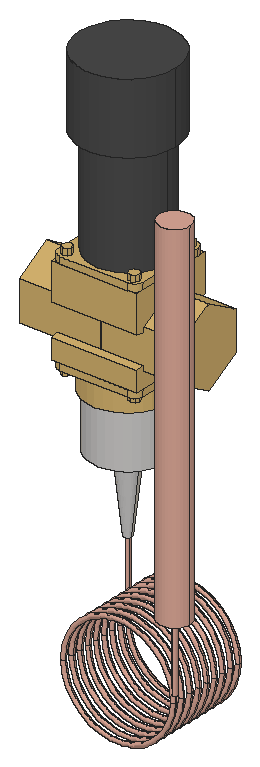
Revit family "AVTB_DN15-25_Internal_RFA_1", category Pipe Accessories, Revit 2019
Family settings
  Round Connector Dimension = Use Diameter
  Part Type = Valve - Breaks Into
  Work Plane-Based = No
  Always vertical = Yes
  Cut with Voids When Loaded = No
  Shared = No
Parameters (values of type "AVTB_DN25_Internal_0-30°C_003N4232")
  sensor height = 210 mm
  symbol circle diameter = 40 mm  # constant formula
  hexagon height = 46.2 mm
  hexagon angle = 120.00°  # constant formula
  hegaxon width = 40 mm
  Weight = 1.77 kg
  Valve Body Material = Danfoss Brass
  URL = "https://store.danfoss.com/en/Climate-Solutions-for-heating/Self-acting-Thermostats/Combined-Thermostatic-Controllers/c/4097?q=%3Arelevance%3Adanfoss_producttypehierarchydesc%3Afdae6b1e30cc40c027a57636eae930f63b0453b7%3Adanfoss_producttypehierarchydesc%3A9175c722e9c7eb70cb572c744eb570240734f91f&text="
  Setting Range = "0-30 °C"
  Pressure Drop [instance] = 0.0 Pa
  Nominal Pressure = "PN 16"
  Model Type = "AVTB_DN25_Internal_0-30°C"
  Model = "003N4232"
  Min Medium Temperature = "2 °C"
  Max Sensor Temperature = "55 °C"
  Max Medium Temperature = "130 °C"
  Max Differential Pressure = "10 bar"
  Manufacturer = "Danfoss"
  LOD 350 [instance] = not(LOD 200)  # yes
  LOD 200 [instance] = no
  L = 95 mm
  Kvs = 5.5 m³/h
  IfcExportType = "AVTB"  # constant formula
  IfcExportAs = "IfcValveType"  # constant formula
  H2 = 140.25 mm
  H1 = 256.1 mm
  sensor diameter = 18 mm
  Flow [instance] = 0.0 m³/h
  Description = "Temperature Controller"
  DN = 25 mm
  Connection = "Internal thread"
Types (10, lengths in mm): name | sensor height | hexagon height | hegaxon width | Weight | Setting Range | Model Type | Model | Max Sensor Temperature | L | Kvs | H2 | H1 | sensor diameter | DN
  (no name) | 210 | 46.2 | 40 | 1.77 kg | "0-30 °C" | "AVTB_DN25_Internal_0-30°C" | "003N4232" | "55 °C" | 95 | 5.5 m³/h | 140.25 | 256.1 | 18 | 25
  AVTB_DN15_Internal_0-30°C_003N2232 | 210 | 30.4 | 26 | 1.62 kg | "0-30 °C" | "AVTB_DN15_Internal_0-30°C" | "003N2232" | "55 °C" | 72 | 1.9 m³/h | 135.45 | 246.1 | 18 | 15
  AVTB_DN15_Internal_20-60°C_003N8229 | 180 | 30.4 | 26 | 1.48 kg | "20-60 °C" | "AVTB_DN15_Internal_20-60°C" | "003N8229" | "90 °C" | 72 | 1.9 m³/h | 135.5 | 246.1 | 9.5 | 15
  AVTB_DN15_Internal_30-100°C_003N8141 | 150 | 30.4 | 26 | 1.33 kg | "30-100 °C" | "AVTB_DN15_Internal_30-100°C" | "003N8141" | "130 °C" | 72 | 1.9 m³/h | 135.5 | 246.1 | 9.5 | 15
  AVTB_DN20_Internal_0-30°C_003N3232 | 210 | 35.6 | 30.8 | 1.63 kg | "0-30 °C" | "AVTB_DN20_Internal_0-30°C" | "003N3232" | "55 °C" | 90 | 3.4 m³/h | 138 | 246.1 | 18 | 20
  AVTB_DN20_Internal_20-60°C_003N8230 | 180 | 35.6 | 30.8 | 1.48 kg | "20-60 °C" | "AVTB_DN20_Internal_20-60°C" | "003N8230" | "90 °C" | 90 | 3.4 m³/h | 138 | 246.1 | 9.5 | 20
  AVTB_DN20_Internal_30-100°C_003N8142 | 150 | 35.6 | 30.8 | 1.38 kg | "30-100°C\r\n0-30 °C\r\n0-30 °C\r\n30-100 °C" | "AVTB_DN20_Internal_30-100°C" | "003N8142" | "130 °C" | 90 | 3.4 m³/h | 138 | 246.1 | 9.5 | 20
  AVTB_DN25_Internal_0-30°C_003N4232 | 210 | 46.2 | 40 | 1.77 kg | "0-30 °C" | "AVTB_DN25_Internal_0-30°C" | "003N4232" | "55 °C" | 95 | 5.5 m³/h | 140.25 | 256.1 | 18 | 25
  AVTB_DN25_Internal_20-60°C_003N8253 | 180 | 46.2 | 40 | 1.64 kg | "20-60 °C" | "AVTB_DN25_Internal_20-60°C" | "003N8253" | "90 °C" | 95 | 5.5 m³/h | 140.3 | 256.1 | 9.5 | 25
  AVTB_DN25_Internal_30-100°C_003N8143 | 150 | 46.2 | 40 | 1.51 kg | "30-100 °C" | "AVTB_DN25_Internal_30-100°C" | "003N8143" | "130 °C" | 95 | 5.5 m³/h | 140.3 | 256.1 | 9.5 | 25
Reference planes
  plane 1 "Center (Front/Back)": y = 0
  plane 2: z = 0
  plane 3 "Center (Left/Right)": x = 0
  plane 4: x = -47.5
  plane 5: x = 47.5
  plane 6: z = 140.25
  plane 7: z = -84
  plane 8: z = 98.8
  plane 9: z = 35.1
  plane 10: z = 31.3
  plane 11: z = -20.95
  plane 12: z = -24.986
  plane 13: z = -37.796
  plane 14: z = -69.95
  plane 15: z = -115.85
  plane 16: z = 38.7
  plane 17: z = -28.55
  plane 18: z = 94.15
  plane 19 "Sensor front": y = -47.442
  plane 20: x = -25
  plane 21: x = 25
  plane 22 "Sensor right": x = 65.5
  plane 23: z = 50.742
Forms (mm)
  Extrusion 1, solid, material "Danfoss Brass" <- "Valve Body Material", visible <- "LOD 350", detail levels fine
    sketch origin (0, 0, 0) x (0, 1, 0) y (0, 0, 1)
      loop
        line (-20, 11.553) -> (-20, -11.553) -> (0, -23.1) -> (20, -11.553) -> (20, 11.553) -> (0, 23.1) -> (-20, 11.553)
    from 47.5 to -47.5
  Extrusion 2, solid, material "Danfoss Plastic Black", visible <- "LOD 350", detail levels fine
    sketch origin (0, 0, 0) x (1, 0, 0) y (0, 1, 0)
      loop
        circle (0, 0) r 28.018
    from 98.8 to 140.25
  Extrusion 3, solid, material "Danfoss Plastic Black", visible <- "LOD 350", detail levels fine
    sketch origin (0, 0, 0) x (1, 0, 0) y (0, 1, 0)
      loop
        circle (-0.033, 0.634) r 22.8
    from 35.1 to 98.8
  Extrusion 4, solid, material "Danfoss Brass" <- "Valve Body Material", visible <- "LOD 350", detail levels fine
    sketch origin (0, 0, 0) x (1, 0, 0) y (0, 1, 0)
      loop
        arc (-20, 25) -> (-23.536, 23.536) -> (-25, 20) r 5
        line (-25, 20) -> (-25, -20)
        arc (-25, -20) -> (-23.536, -23.536) -> (-20, -25) r 5
        line (-20, -25) -> (20, -25)
        arc (20, -25) -> (23.536, -23.536) -> (25, -20) r 5
        line (25, -20) -> (25, 20)
        arc (25, 20) -> (23.536, 23.536) -> (20, 25) r 5
        line (20, 25) -> (-20, 25)
    from 31.3 to 35.1
  Extrusion 5, solid, material "Danfoss Brass" <- "Valve Body Material", visible <- "LOD 350", detail levels fine
    sketch origin (0, 0, 0) x (0, 1, 0) y (0, 0, 1)
      loop
        line (-25, 31.3) -> (-25, 9.554) -> (-15.75, 7.923) -> (-15.75, -7.869) -> (-25.002, -9.5) -> (-25.002, -20.95) -> (25.002, -20.95) -> (25.002, -9.504) -> (15.75, -7.872) -> (15.75, 7.923) -> (25, 9.554) -> (25, 31.3) -> (-25, 31.3)
    from -25 to 25
  Extrusion 6, solid, material "Danfoss Brass" <- "Valve Body Material", visible <- "LOD 350", detail levels fine
    sketch origin (0, 0, 0) x (1, 0, 0) y (0, 1, 0)
      loop
        circle (0, 0) r 20
    from -18.187 to 18.187
  Extrusion 7, solid, material "Danfoss Brass" <- "Valve Body Material", visible <- "LOD 350", detail levels fine
    sketch origin (0, 0, 0) x (1, 0, 0) y (0, 1, 0)
      loop
        arc (-20, 25) -> (-23.536, 23.536) -> (-25, 20) r 5
        line (-25, 20) -> (-25, -20)
        arc (-25, -20) -> (-23.536, -23.536) -> (-20, -25) r 5
        line (-20, -25) -> (20, -25)
        arc (20, -25) -> (23.536, -23.536) -> (25, -20) r 5
        line (25, -20) -> (25, 20)
        arc (25, 20) -> (23.536, 23.536) -> (20, 25) r 5
        line (20, 25) -> (-20, 25)
    from -24.986 to -20.95
  Extrusion 8, solid, material "Danfoss Brass" <- "Valve Body Material", visible <- "LOD 350", detail levels fine
    sketch origin (0, 0, 0) x (1, 0, 0) y (0, 1, 0)
      loop
        circle (0, 0) r 24
    from -37.796 to -24.986
  Extrusion 9, solid, material "Danfoss Stainless Steel AISI 304 / AISI 316L", visible <- "LOD 350", detail levels fine
    sketch origin (0, 0, 0) x (1, 0, 0) y (0, 1, 0)
      loop
        circle (0, 0) r 21.8
    from -69.95 to -37.796
  Blend 10, solid, material "Danfoss Stainless Steel AISI 304 / AISI 316L", detail levels fine
    base sketch origin (0, 0, 0) x (1, 0, 0) y (0, 1, 0)
      loop
        circle (0, 0) r 2.25
    top sketch origin (0, 0, 0) x (1, 0, 0) y (0, 1, 0)
      loop
        circle (0, 0) r 7.4
    from -115.85 to -69.95
  Extrusion 11, solid, material "Danfoss Brass" <- "Valve Body Material", visible <- "LOD 350", detail levels fine
    sketch origin (0, 0, 0) x (1, 0, 0) y (0, 1, 0)
      loop
        line (20, 22.95) -> (17.898, 22.069) -> (17.05, 19.988) -> (17.911, 17.918) -> (20, 17.05) -> (22.102, 17.931) -> (22.95, 20.012) -> (22.089, 22.082) -> (20, 22.95)
      loop
        line (-20, 22.95) -> (-22.102, 22.069) -> (-22.95, 19.988) -> (-22.089, 17.918) -> (-20, 17.05) -> (-17.898, 17.931) -> (-17.05, 20.012) -> (-17.911, 22.082) -> (-20, 22.95)
      loop
        line (-20, -17.063) -> (-22.102, -17.943) -> (-22.95, -20.024) -> (-22.089, -22.095) -> (-20, -22.963) -> (-17.898, -22.082) -> (-17.05, -20.001) -> (-17.911, -17.93) -> (-20, -17.063)
      loop
        line (20, -17.063) -> (17.898, -17.943) -> (17.05, -20.024) -> (17.911, -22.095) -> (20, -22.963) -> (22.102, -22.082) -> (22.95, -20.001) -> (22.089, -17.93) -> (20, -17.063)
    from 35.1 to 38.7
  Extrusion 12, solid, material "Danfoss Brass" <- "Valve Body Material", visible <- "LOD 350", detail levels fine
    sketch origin (0, 0, 0) x (1, 0, 0) y (0, 1, 0)
      loop
        line (20, 22.95) -> (17.898, 22.069) -> (17.05, 19.988) -> (17.911, 17.918) -> (20, 17.05) -> (22.102, 17.931) -> (22.95, 20.012) -> (22.089, 22.082) -> (20, 22.95)
      loop
        line (-20, 22.95) -> (-22.102, 22.069) -> (-22.95, 19.988) -> (-22.089, 17.918) -> (-20, 17.05) -> (-17.898, 17.931) -> (-17.05, 20.012) -> (-17.911, 22.082) -> (-20, 22.95)
      loop
        line (-20, -17.063) -> (-22.102, -17.943) -> (-22.95, -20.024) -> (-22.089, -22.095) -> (-20, -22.963) -> (-17.898, -22.082) -> (-17.05, -20.001) -> (-17.911, -17.93) -> (-20, -17.063)
      loop
        line (20, -17.063) -> (17.898, -17.943) -> (17.05, -20.024) -> (17.911, -22.095) -> (20, -22.963) -> (22.102, -22.082) -> (22.95, -20.001) -> (22.089, -17.93) -> (20, -17.063)
    from -28.55 to -24.986
  Extrusion 13, solid, material "Danfoss Copper", detail levels fine
    sketch origin (-65.5, 47.442, 0) x (1, 0, 0) y (0, 1, 0)
      loop
        circle (65.5, -47.442) r 1.192
    from -115.85 to -155.065
  Sweep 14, solid, material "Danfoss Copper", detail levels fine
    path origin (-2.25, 0, 0) x (1, 0, 0) y (0, 0, 1)
      loop
        circle (34.686, -159.938) r 32.357
    profile origin (32.436, 0, -127.581) x (0, 0, -1) y (0, -1, 0)
      loop
        circle (0, 0) r 1.211
  Extrusion 15, solid, material "Danfoss Plastic Black", visible <- "LOD 200", detail levels fine
    sketch origin (0, 0, 0) x (1, 0, 0) y (0, 1, 0)
      loop
        circle (0, 0) r 27.977
    from 31.3 to 140.25
  Extrusion 16, solid, material "Danfoss Brass" <- "Valve Body Material", visible <- "LOD 200", detail levels fine
    sketch origin (0, 0, 0) x (0, 1, 0) y (0, 0, 1)
      loop
        circle (0, 0) r 21.138
    from -47.5 to 47.5
  Extrusion 17, solid, material "Danfoss Stainless Steel AISI 304 / AISI 316L", visible <- "LOD 200", detail levels fine
    sketch origin (0, 0, 0) x (1, 0, 0) y (0, 1, 0)
      loop
        circle (0, 0) r 25
    from -69.95 to -20.95
  Extrusion 18, solid, material "Danfoss Brass" <- "Valve Body Material", visible <- "LOD 200", detail levels fine
    sketch origin (0, 0, 0) x (0, 1, 0) y (0, 0, 1)
      loop
        line (-24.851, 31.3) -> (-24.851, -20.95) -> (25, -20.95) -> (25, 31.3) -> (-24.851, 31.3)
    from -25 to 25
  Sweep 19, solid, material "Danfoss Copper", detail levels fine
    path origin (0, -47.442, 0) x (-1, 0, 0) y (0, 0, 1)
      loop
        line (-65.5, -115.85) -> (-65.5, 94.15)
    profile origin (65.5, -47.442, -10.85) x (1, 0, 0) y (0, 1, 0)
      loop
        circle (0, 0) r 9
  Sweep 20, solid, material "Danfoss Copper", detail levels fine
    path origin (0, -47.442, 0) x (-1, 0, 0) y (0, 0, 1)
      loop
        line (-65.5, -115.85) -> (-65.5, -155.85)
    profile origin (65.5, -47.442, -135.85) x (0, 1, 0) y (-1, 0, 0)
      loop
        circle (0, 0) r 1.399
  Sweep 21, solid, material "Danfoss Copper", detail levels fine
    path origin (-2.25, -47.442, 0) x (1, 0, 0) y (0, 0, 1)
      loop
        circle (34.686, -159.938) r 32.357
    profile origin (32.436, -47.442, -127.581) x (0, 0, -1) y (0, -1, 0)
      loop
        circle (0, 0) r 1.211
  Sweep 22, solid, material "Danfoss Copper", detail levels fine
    path origin (-2.25, -41.442, 0) x (1, 0, 0) y (0, 0, 1)
      loop
        circle (34.686, -159.938) r 32.357
    profile origin (32.436, -41.442, -127.581) x (0, 0, -1) y (0, -1, 0)
      loop
        circle (0, 0) r 1.211
  Sweep 23, solid, material "Danfoss Copper", detail levels fine
    path origin (-2.25, -35.442, 0) x (1, 0, 0) y (0, 0, 1)
      loop
        circle (34.686, -159.938) r 32.357
    profile origin (32.436, -35.442, -127.581) x (0, 0, -1) y (0, -1, 0)
      loop
        circle (0, 0) r 1.211
  Sweep 24, solid, material "Danfoss Copper", detail levels fine
    path origin (-2.25, -29.442, 0) x (1, 0, 0) y (0, 0, 1)
      loop
        circle (34.686, -159.938) r 32.357
    profile origin (32.436, -29.442, -127.581) x (0, 0, -1) y (0, -1, 0)
      loop
        circle (0, 0) r 1.211
  Sweep 25, solid, material "Danfoss Copper", detail levels fine
    path origin (-2.25, -23.442, 0) x (1, 0, 0) y (0, 0, 1)
      loop
        circle (34.686, -159.938) r 32.357
    profile origin (32.436, -23.442, -127.581) x (0, 0, -1) y (0, -1, 0)
      loop
        circle (0, 0) r 1.211
  Sweep 26, solid, material "Danfoss Copper", detail levels fine
    path origin (-2.25, -17.442, 0) x (1, 0, 0) y (0, 0, 1)
      loop
        circle (34.686, -159.938) r 32.357
    profile origin (32.436, -17.442, -127.581) x (0, 0, -1) y (0, -1, 0)
      loop
        circle (0, 0) r 1.211
  Sweep 27, solid, material "Danfoss Copper", detail levels fine
    path origin (-2.25, -11.442, 0) x (1, 0, 0) y (0, 0, 1)
      loop
        circle (34.686, -159.938) r 32.357
    profile origin (32.436, -11.442, -127.581) x (0, 0, -1) y (0, -1, 0)
      loop
        circle (0, 0) r 1.211
  Sweep 28, solid, material "Danfoss Copper", detail levels fine
    path origin (-2.25, -5.442, 0) x (1, 0, 0) y (0, 0, 1)
      loop
        circle (34.686, -159.938) r 32.357
    profile origin (32.436, -5.442, -127.581) x (0, 0, -1) y (0, -1, 0)
      loop
        circle (0, 0) r 1.211
Dimensions and locks
  "L": plane 5 to plane 4
  equal spacing: plane 5, plane 3 "Center (Left/Right)", plane 4
  "H1": plane 6 to plane 15
  locked: plane 6 to plane 8 at 41.45
  locked: plane 8 to plane 9 at 63.7
  locked: plane 9 to plane 10 at 3.8
  locked: plane 11 to plane 12 at 4.036
  locked: plane 11 to plane 7 at 63.05
  locked: plane 13 to plane 14 at 32.154
  locked: plane 12 to plane 13 at 12.81
  locked: plane 16 to plane 9 at 3.6
  "sensor height": plane 18 to plane 15
  locked: plane 3 "Center (Left/Right)" to plane 20 at 25
  locked: plane 1 "Center (Front/Back)" to plane 19 "Sensor front" at 47.442
  locked: plane 3 "Center (Left/Right)" to plane 22 "Sensor right" at 65.5
  Sweep 14 sketch curve to plane 3 "Center (Left/Right)" = 32.436 mm
  locked: plane 23 to level at 50.742
  equal spacing: Extrusion 5, plane 1 "Center (Front/Back)", Extrusion 5
  Extrusion 5 to Extrusion 5 = 31.5 mm
  equal spacing: Extrusion 1 sketch curve, plane 1 "Center (Front/Back)", Extrusion 1 sketch curve
  "hegaxon width": Extrusion 1 sketch curve to Extrusion 1 sketch curve
  equal spacing: Extrusion 1 sketch curve, level, Extrusion 1 sketch curve
  "hexagon height": Extrusion 1 sketch curve to Extrusion 1 sketch curve
  plane 6 to plane 15 = 256.1 mm
  "H2": plane 6 to level
  "sensor diameter": diameter of Sweep 19 sketch curve
  "hexagon angle": angle Extrusion 5 to Extrusion 1 sketch curve
  "hexagon angle": angle Extrusion 1 sketch curve to Extrusion 5
  "hexagon angle": angle Extrusion 1 sketch curve to Extrusion 1 sketch curve  (x2)
  angle Extrusion 1 sketch curve to Extrusion 1 sketch curve = 120.00°
  aligned and locked: level to plane 2
  aligned and locked: plane 5 to Extrusion 1
  aligned and locked: Extrusion 1 to plane 4
  aligned and locked: plane 6 to Extrusion 2
  aligned and locked: Extrusion 2 to plane 8
  aligned and locked: plane 8 to Extrusion 3
  aligned and locked: Extrusion 3 to plane 9
  aligned and locked: plane 9 to Extrusion 4
  aligned and locked: Extrusion 4 to plane 10
  aligned and locked: plane 11 to Extrusion 7
  aligned and locked: Extrusion 7 to plane 12
  aligned and locked: plane 12 to Extrusion 8
  aligned and locked: Extrusion 8 to plane 13
  aligned and locked: Extrusion 9 to plane 14
  aligned and locked: plane 13 to Extrusion 9
  aligned and locked: Blend 10 to plane 15
  aligned and locked: plane 14 to Blend 10
  aligned and locked: plane 16 to Extrusion 11
  aligned and locked: Extrusion 11 to plane 9
  aligned and locked: Extrusion 12 to plane 17
  aligned and locked: plane 12 to Extrusion 12
  aligned and locked: plane 15 to Extrusion 13
  aligned and locked: plane 6 to Extrusion 15
  aligned and locked: plane 5 to Extrusion 16
  aligned and locked: Extrusion 16 to plane 4
  aligned and locked: Extrusion 17 to plane 14
  aligned and locked: plane 11 to Extrusion 17
  aligned and locked: Extrusion 18 to plane 20
  aligned and locked: plane 21 to Extrusion 18
  aligned and locked: Extrusion 18 to plane 11
  aligned and locked: Extrusion 15 to plane 10
  aligned and locked: plane 10 to Extrusion 18
  aligned and locked: plane 18 to Sweep 19 sketch curve
Automatic sketch dimensions
  plane 1 "Center (Front/Back)" to Extrusion 2 sketch curve = 0 mm
  Extrusion 2 sketch curve to plane 3 "Center (Left/Right)" = 0 mm
  Extrusion 3 sketch curve to plane 3 "Center (Left/Right)" = 0.033 mm
  Extrusion 3 sketch curve to plane 1 "Center (Front/Back)" = 0.634 mm
  Extrusion 6 sketch curve to plane 3 "Center (Left/Right)" = 0 mm
  Extrusion 6 sketch curve to plane 1 "Center (Front/Back)" = 0 mm
  Extrusion 8 sketch curve to plane 3 "Center (Left/Right)" = 0 mm
  Extrusion 8 sketch curve to plane 1 "Center (Front/Back)" = 0 mm
  Extrusion 9 sketch curve to plane 3 "Center (Left/Right)" = 0 mm
  Extrusion 9 sketch curve to plane 1 "Center (Front/Back)" = 0 mm
  plane 1 "Center (Front/Back)" to Blend 10 sketch curve = 0 mm  (x2)
  Blend 10 sketch curve to plane 3 "Center (Left/Right)" = 0 mm  (x2)
  plane 1 "Center (Front/Back)" to Extrusion 13 sketch curve = 0 mm
  Extrusion 13 sketch curve to plane 3 "Center (Left/Right)" = 0 mm
  plane 1 "Center (Front/Back)" to Extrusion 15 sketch curve = 0 mm
  Extrusion 15 sketch curve to plane 3 "Center (Left/Right)" = 0 mm
  Extrusion 16 sketch curve to level = 0 mm
  Extrusion 16 sketch curve to plane 1 "Center (Front/Back)" = 0 mm
  plane 1 "Center (Front/Back)" to Extrusion 17 sketch curve = 0 mm
  Extrusion 17 sketch curve to plane 3 "Center (Left/Right)" = 0 mm
  Extrusion 4 sketch curve to plane 20 = 0 mm
  Extrusion 4 sketch curve to plane 21 = 0 mm
  plane 20 to Extrusion 4 sketch curve = 5 mm  (x2)
  Extrusion 4 sketch curve to plane 21 = 5 mm
  Extrusion 4 sketch curve to Extrusion 4 sketch curve = 5 mm
  plane 19 "Sensor front" to Extrusion 4 sketch curve = 22.442 mm
  Extrusion 4 sketch curve to plane 1 "Center (Front/Back)" = 20 mm
  Extrusion 5 sketch curve to plane 11 = 0 mm
  Extrusion 5 sketch curve to plane 10 = 0 mm
  Extrusion 5 sketch curve to level = 9.5 mm
  plane 19 "Sensor front" to Extrusion 5 sketch curve = 22.44 mm
  Extrusion 5 sketch curve to Extrusion 5 sketch curve = 0.002 mm
  Extrusion 5 sketch curve to Extrusion 5 sketch curve = 9.25 mm  (x2)
  Extrusion 5 sketch curve to plane 1 "Center (Front/Back)" = 15.75 mm
  level to Extrusion 5 sketch curve = 9.554 mm
  Extrusion 5 sketch curve to Extrusion 5 sketch curve = 9.252 mm
  Extrusion 5 sketch curve to level = 9.504 mm
  Extrusion 5 sketch curve to level = 7.872 mm
  Extrusion 5 sketch curve to level = 7.869 mm
  level to Extrusion 5 sketch curve = 7.923 mm  (x2)
  Extrusion 5 sketch curve to Extrusion 5 sketch curve = 1.631 mm
  Extrusion 7 sketch curve to plane 20 = 0 mm
  Extrusion 7 sketch curve to plane 21 = 0 mm
  plane 20 to Extrusion 7 sketch curve = 5 mm  (x2)
  Extrusion 7 sketch curve to plane 21 = 5 mm
  Extrusion 7 sketch curve to Extrusion 7 sketch curve = 5 mm
  plane 19 "Sensor front" to Extrusion 7 sketch curve = 22.442 mm
  Extrusion 7 sketch curve to plane 1 "Center (Front/Back)" = 20 mm
  plane 20 to Extrusion 11 sketch curve = 2.05 mm  (x2)
  Extrusion 11 sketch curve to Extrusion 11 sketch curve = 0.848 mm  (x4)
  Extrusion 11 sketch curve to Extrusion 11 sketch curve = 0.861 mm  (x6)
  Extrusion 11 sketch curve to Extrusion 11 sketch curve = 2.089 mm  (x8)
  Extrusion 11 sketch curve to Extrusion 11 sketch curve = 2.102 mm  (x8)
  Extrusion 11 sketch curve to plane 21 = 7.95 mm  (x2)
  Extrusion 11 sketch curve to plane 21 = 2.05 mm  (x2)
  plane 1 "Center (Front/Back)" to Extrusion 11 sketch curve = 22.963 mm  (x2)
  Extrusion 11 sketch curve to Extrusion 11 sketch curve = 0.868 mm  (x8)
  Extrusion 11 sketch curve to Extrusion 11 sketch curve = 0.881 mm  (x4)
  Extrusion 11 sketch curve to Extrusion 11 sketch curve = 2.071 mm  (x8)
  Extrusion 11 sketch curve to Extrusion 11 sketch curve = 2.081 mm  (x8)
  Extrusion 11 sketch curve to plane 1 "Center (Front/Back)" = 17.05 mm  (x2)
  plane 20 to Extrusion 12 sketch curve = 2.05 mm  (x2)
  Extrusion 12 sketch curve to Extrusion 12 sketch curve = 0.848 mm  (x4)
  Extrusion 12 sketch curve to Extrusion 12 sketch curve = 0.861 mm  (x6)
  Extrusion 12 sketch curve to Extrusion 12 sketch curve = 2.089 mm  (x8)
  Extrusion 12 sketch curve to Extrusion 12 sketch curve = 2.102 mm  (x8)
  Extrusion 12 sketch curve to plane 21 = 7.95 mm  (x2)
  Extrusion 12 sketch curve to plane 21 = 2.05 mm  (x2)
  plane 1 "Center (Front/Back)" to Extrusion 12 sketch curve = 22.963 mm  (x2)
  Extrusion 12 sketch curve to Extrusion 12 sketch curve = 0.868 mm  (x8)
  Extrusion 12 sketch curve to Extrusion 12 sketch curve = 0.881 mm  (x4)
  Extrusion 12 sketch curve to Extrusion 12 sketch curve = 2.071 mm  (x8)
  Extrusion 12 sketch curve to Extrusion 12 sketch curve = 2.081 mm  (x8)
  Extrusion 12 sketch curve to plane 1 "Center (Front/Back)" = 17.05 mm  (x2)
  Sweep 14 sketch curve to plane 15 = 44.088 mm
  Sweep 14 sketch curve to plane 1 "Center (Front/Back)" = 0 mm
  Sweep 14 sketch curve to profile plane = 0 mm
  Extrusion 18 sketch curve to plane 11 = 0 mm
  Extrusion 18 sketch curve to plane 10 = 0 mm
  plane 19 "Sensor front" to Extrusion 18 sketch curve = 22.591 mm
  Extrusion 18 sketch curve to plane 1 "Center (Front/Back)" = 25 mm
  Sweep 19 sketch curve to plane 22 "Sensor right" = 0 mm
  Sweep 19 sketch curve to plane 15 = 0 mm
  Sweep 19 sketch curve to plane 19 "Sensor front" = 0 mm
  Sweep 19 sketch curve to profile plane = 0 mm
  Sweep 20 sketch curve to plane 22 "Sensor right" = 0 mm
  Sweep 20 sketch curve to plane 15 = 0 mm
  Sweep 20 sketch curve to plane 15 = 40 mm
  Sweep 20 sketch curve to plane 19 "Sensor front" = 0 mm
  Sweep 20 sketch curve to profile plane = 0 mm
  plane 21 to Sweep 21 sketch curve = 7.436 mm
  Sweep 21 sketch curve to plane 15 = 44.088 mm
  Sweep 21 sketch curve to profile plane = 0 mm  (x2)
  plane 21 to Sweep 22 sketch curve = 7.436 mm
  Sweep 22 sketch curve to plane 15 = 44.088 mm
  Sweep 22 sketch curve to profile plane = 0 mm  (x2)
  plane 21 to Sweep 23 sketch curve = 7.436 mm
  Sweep 23 sketch curve to plane 15 = 44.088 mm
  Sweep 23 sketch curve to profile plane = 0 mm  (x2)
  plane 21 to Sweep 24 sketch curve = 7.436 mm
  Sweep 24 sketch curve to plane 15 = 44.088 mm
  Sweep 24 sketch curve to profile plane = 0 mm  (x2)
  plane 21 to Sweep 25 sketch curve = 7.436 mm
  Sweep 25 sketch curve to plane 15 = 44.088 mm
  Sweep 25 sketch curve to profile plane = 0 mm  (x2)
  plane 21 to Sweep 26 sketch curve = 7.436 mm
  Sweep 26 sketch curve to plane 15 = 44.088 mm
  Sweep 26 sketch curve to profile plane = 0 mm  (x2)
  plane 21 to Sweep 27 sketch curve = 7.436 mm
  Sweep 27 sketch curve to plane 15 = 44.088 mm
  Sweep 27 sketch curve to profile plane = 0 mm  (x2)
  plane 21 to Sweep 28 sketch curve = 7.436 mm
  Sweep 28 sketch curve to plane 15 = 44.088 mm
  Sweep 28 sketch curve to profile plane = 0 mm  (x2)
  Extrusion 1 sketch curve to plane 1 "Center (Front/Back)" = 0 mm  (x2)
  radius of Extrusion 2 sketch curve = 28.018 mm
  radius of Extrusion 3 sketch curve = 22.8 mm
  radius of Extrusion 6 sketch curve = 20 mm
  radius of Extrusion 8 sketch curve = 24 mm
  radius of Extrusion 9 sketch curve = 21.8 mm
  radius of Blend 10 sketch curve = 2.25 mm
  radius of Blend 10 sketch curve = 7.4 mm
  radius of Extrusion 13 sketch curve = 1.192 mm
  radius of Extrusion 15 sketch curve = 27.977 mm
  radius of Extrusion 16 sketch curve = 21.138 mm
  radius of Extrusion 17 sketch curve = 25 mm
  radius of Sweep 14 sketch curve = 32.357 mm
  radius of Sweep 14 sketch curve = 1.211 mm
  radius of Sweep 20 sketch curve = 1.399 mm
  radius of Sweep 21 sketch curve = 32.357 mm
  radius of Sweep 21 sketch curve = 1.211 mm
  radius of Sweep 22 sketch curve = 32.357 mm
  radius of Sweep 22 sketch curve = 1.211 mm
  radius of Sweep 23 sketch curve = 32.357 mm
  radius of Sweep 23 sketch curve = 1.211 mm
  radius of Sweep 24 sketch curve = 32.357 mm
  radius of Sweep 24 sketch curve = 1.211 mm
  radius of Sweep 25 sketch curve = 32.357 mm
  radius of Sweep 25 sketch curve = 1.211 mm
  radius of Sweep 26 sketch curve = 32.357 mm
  radius of Sweep 26 sketch curve = 1.211 mm
  radius of Sweep 27 sketch curve = 32.357 mm
  radius of Sweep 27 sketch curve = 1.211 mm
  radius of Sweep 28 sketch curve = 32.357 mm
  radius of Sweep 28 sketch curve = 1.211 mm
Nested families
  nested 1: "AVTB symbol" at (0, 0, 0), H2 <- "H2", hexagon height <- "hexagon height", length <- "L", type "AVTB symbol", detail levels coarse+medium
    with length 95 mm, hexagon height 46.2 mm, H2 140.25 mm
Connectors
  piping at (-47.5, 0, 0), diameter 25, driven by "DN", driven by "Flow"
    settings: on Extrusion 1, index 1, connector inside diameter 609.6 mm, connector length 0 mm, flow factor 0, pipe flow 0.0 m³/h, pressure drop 0.0 Pa, fitting loss kfactor 0, connector angle 0.00°, fixture units 0, engagement length 0 mm, angle of deflection 0.00°, flow configuration 0, flow direction 0, fitting loss method 0, system type 29, joint type 0, gender type 0, connector reference index 2, connector utility 0, adjustable connector no, is connector primary yes, connector description ""
  piping at (47.5, 0, 0), diameter 25, driven by "DN", driven by "Flow"
    settings: on Extrusion 1, index 2, connector inside diameter 609.6 mm, connector length 0 mm, flow factor 0, pipe flow 0.0 m³/h, pressure drop 0.0 Pa, fitting loss kfactor 0, connector angle 0.00°, fixture units 0, engagement length 0 mm, angle of deflection 0.00°, flow configuration 0, flow direction 0, fitting loss method 0, system type 29, joint type 0, gender type 0, connector reference index 1, connector utility 0, adjustable connector no, is connector primary no, connector description ""
Definition of nested family "AVTB symbol"
  Parameters (values of type "AVTB symbol")
    length [instance] = 90 mm
    hexagon height [instance] = 35 mm
    circle diameter = 44 mm
    H2 [instance] = 140 mm
  Reference planes
    plane 1 "Center (Front/Back)": y = 0
    plane 2: z = 0
    plane 3 "Center (Left/Right)": x = 0
    plane 4: x = -45
    plane 5: x = 45
    plane 6: y = 140
    plane 7: y = 17.5
    plane 8: y = -17.5
    plane 9: y = 60.134
    plane 10: x = 90
    plane 11: y = 118.854
    plane 12: y = 58.854
    plane 13: x = 85
    plane 14: x = 95
    plane 15: z = 17.5
    plane 16: z = -17.5
    plane 17: z = 43
    plane 18: z = 140
    plane 19: z = 119
    plane 20: z = 59
    plane 21: z = 55
    plane 22: z = 75
  Lines and regions (mm)
    symbolic lines
      curve 1: line (-45, 17.5, 0) -> (45, -17.5, 0)
      curve 2: line (45, -17.5, 0) -> (45, 17.5, 0)
      curve 3: line (45, 17.5, 0) -> (-45, -17.5, 0)
      curve 4: line (-45, -17.5, 0) -> (-45, 17.5, 0)
      curve 5: line (0, 140, 0) -> (0, 104.134, 0)
      curve 6: line (0, 60.134, 0) -> (0, 0, 0)
      curve 7: circle (0, 82.134, 0) r 22 normal (0, 0, 1)
      curve 8: line (0, 140, 0) -> (90, 140, 0)
      curve 9: line (90, 140, 0) -> (90, 118.854, 0)
      curve 10: line (85.257, 118.854, 0) -> (95, 118.854, 0)
      curve 11: line (95, 118.854, 0) -> (95, 58.854, 0)
      curve 12: line (95, 58.854, 0) -> (85.257, 58.854, 0)
      curve 13: line (85.257, 58.854, 0) -> (85.257, 118.854, 0)
      curve 29: line (0, 73.451, 0) -> (0, 90.605, 0)
      curve 30: line (-5, 90.605, 0) -> (5, 90.605, 0)
    model lines
      curve 14: line (-45, 0, 17.5) -> (-45, 0, -17.5)
      curve 15: line (-45, 0, -17.5) -> (45, 0, 17.5)
      curve 16: line (45, 0, 17.5) -> (45, 0, -17.5)
      curve 17: line (45, 0, -17.5) -> (-45, 0, 17.5)
      curve 18: line (0, 0, 0) -> (0, 0, 43)
      curve 19: circle (0, 0, 65) r 22 normal (0, -1, 0)
      curve 20: line (0, 0, 87) -> (0, 0, 140)
      curve 21: line (0, 0, 140) -> (90, 0, 140)
      curve 22: line (90, 0, 140) -> (90, 0, 119)
      curve 23: line (85, 0, 119) -> (95, 0, 119)
      curve 24: line (95, 0, 119) -> (95, 0, 59)
      curve 25: line (95, 0, 59) -> (85, 0, 59)
      curve 26: line (85, 0, 59) -> (85, 0, 119)
      curve 27: line (0, 0, 55) -> (0, 0, 75)
      curve 28: line (-5, 0, 75) -> (5, 0, 75)
  Dimensions and locks
    equal spacing: plane 4, plane 3 "Center (Left/Right)", plane 5
    "length": plane 4 to plane 5
    "H2": plane 6 to plane 1 "Center (Front/Back)"
    equal spacing: plane 7, plane 1 "Center (Front/Back)", plane 8
    "hexagon height": plane 7 to plane 8
    locked: plane 9 to plane 7 at 42.634
    locked: plane 3 "Center (Left/Right)" to plane 10 at 90
    locked: plane 6 to plane 11 at 21.146
    locked: plane 11 to plane 12 at 60
    locked: plane 13 to plane 10 at 5
    locked: plane 10 to plane 14 at 5
    equal spacing: plane 15, level, plane 16
    "hexagon height": plane 15 to plane 16
    locked: plane 17 to level at 43
    "H2": plane 18 to level
    locked: plane 19 to plane 20 at 60
    plane 18 to plane 19 = 21 mm
    locked: plane 21 to plane 17 at 12
    locked: plane 22 to plane 21 at 20
    "circle diameter": diameter of curve 7
    "circle diameter": diameter of curve 19
    aligned and locked: level to plane 2
    aligned and locked: plane 9 to curve 6
    aligned and locked: plane 21 to curve 27
    aligned and locked: curve 28 to plane 22
  Automatic sketch dimensions
    curve 14 to plane 4 = 0 mm
    curve 20 to plane 3 "Center (Left/Right)" = 0 mm
    curve 27 to plane 3 "Center (Left/Right)" = 0 mm
    curve 18 to level = 0 mm
    curve 18 to plane 3 "Center (Left/Right)" = 0 mm
    curve 19 to plane 3 "Center (Left/Right)" = 0 mm
    curve 17 to plane 5 = 0 mm
    curve 26 to plane 13 = 0 mm
    curve 21 to plane 10 = 0 mm
    curve 24 to plane 14 = 0 mm
    curve 14 to plane 16 = 0 mm
    curve 17 to plane 16 = 0 mm
    curve 17 to plane 15 = 0 mm
    curve 18 to plane 17 = 0 mm
    curve 25 to plane 20 = 0 mm
    curve 23 to plane 19 = 0 mm
    curve 20 to plane 18 = 0 mm
    curve 28 to plane 3 "Center (Left/Right)" = 5 mm
    plane 3 "Center (Left/Right)" to curve 28 = 5 mm
    curve 1 to plane 4 = 0 mm
    curve 29 to plane 3 "Center (Left/Right)" = 0 mm
    curve 5 to plane 3 "Center (Left/Right)" = 0 mm
    curve 6 to plane 3 "Center (Left/Right)" = 0 mm
    curve 7 to plane 3 "Center (Left/Right)" = 0 mm
    curve 3 to plane 5 = 0 mm
    curve 13 to plane 11 = 0 mm
    curve 13 to plane 12 = 0 mm
    curve 8 to plane 6 = 0 mm
    curve 8 to plane 10 = 0 mm
    curve 11 to plane 14 = 0 mm
    curve 1 to plane 8 = 0 mm
    curve 3 to plane 8 = 0 mm
    plane 1 "Center (Front/Back)" to curve 6 = 0 mm
    curve 2 to plane 7 = 0 mm
    plane 13 to curve 13 = 0.257 mm
    curve 30 to plane 3 "Center (Left/Right)" = 5 mm
    plane 3 "Center (Left/Right)" to curve 30 = 5 mm
    curve 29 to curve 7 = 8.683 mm
    curve 7 to curve 30 = 8.471 mm
